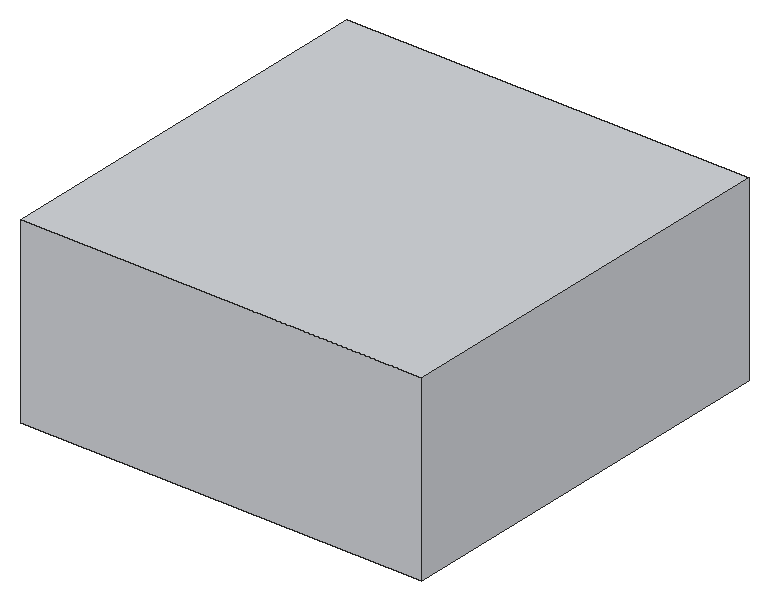
Revit family "4624f4fa77aa488ea1df06220b89d5a7", category Conduit Fittings, Revit 2021
Family settings
  Round Connector Dimension = Use Radius
  Part Type = Multi Port
  OmniClass Number = 23.80.30.17.11
  OmniClass Title = Conduits
  Work Plane-Based = No
  Always vertical = Yes
  Cut with Voids When Loaded = No
  Shared = No
Parameters (values of type "Double Gang")
  Width 2 [instance] = if(not(Max Nominal Diameter 1234567 > 0' 1"), 0' 1 1/2", Max Nominal Diameter 1234567 + 0' 0 1/2")  # 1 1/2"
  Width 1 [instance] = (Width - Width 2) * 0.5  # 1 9/16"
  Width [instance] = if(not(Max Nominal Diameter 1234567 > 0' 1"), 0' 4 5/8", 6 * Max Nominal Diameter 1234567)  # 4 5/8"
  Nominal Radius 7 [instance] = 1/4"
  Nominal Radius 6 [instance] = 1/4"
  Nominal Radius 5 [instance] = 1/4"
  Nominal Radius 4 [instance] = 1/4"
  Nominal Radius 3 [instance] = 1/4"
  Nominal Radius 2 [instance] = 1/4"
  Nominal Radius 1 [instance] = 1/4"
  Nominal Diameter 7 [instance] = Nominal Radius 7 * 2  # 1/2"
  Nominal Diameter 6 [instance] = Nominal Radius 6 * 2  # 1/2"
  Nominal Diameter 5 [instance] = Nominal Radius 5 * 2  # 1/2"
  Nominal Diameter 4 [instance] = Nominal Radius 4 * 2  # 1/2"
  Nominal Diameter 3 [instance] = Nominal Radius 3 * 2  # 1/2"
  Nominal Diameter 2 [instance] = Nominal Radius 2 * 2  # 1/2"
  Nominal Diameter 1 [instance] = Nominal Radius 1 * 2  # 1/2"
  Max Nominal Diameter 56 [instance] = if(Nominal Diameter 5 > Nominal Diameter 6, Nominal Diameter 5, Nominal Diameter 6)  # 1/2"
  Max Nominal Diameter 34 [instance] = if(Nominal Diameter 3 > Nominal Diameter 4, Nominal Diameter 3, Nominal Diameter 4)  # 1/2"
  Max Nominal Diameter 1234567 [instance] = if(Max Nominal Diameter 123456 > Nominal Diameter 7, Max Nominal Diameter 123456, Nominal Diameter 7)  # 1/2"
  Max Nominal Diameter 123456 [instance] = if(Max Nominal Diameter 1234 > Max Nominal Diameter 56, Max Nominal Diameter 1234, Max Nominal Diameter 56)  # 1/2"
  Max Nominal Diameter 1234 [instance] = if(Max Nominal Diameter 12 > Max Nominal Diameter 34, Max Nominal Diameter 12, Max Nominal Diameter 34)  # 1/2"
  Max Nominal Diameter 12 [instance] = if(Nominal Diameter 1 > Nominal Diameter 2, Nominal Diameter 1, Nominal Diameter 2)  # 1/2"
  Length [instance] = if(not(Max Nominal Diameter 1234567 > 0' 1"), 0' 4 9/16", 8 * Max Nominal Diameter 1234567)  # 4 9/16"
  Height [instance] = if(not(Max Nominal Diameter 1234567 > 0' 1"), 0' 2 1/16", if(Max Nominal Diameter 1234567 < 0' 6", 0' 6", Max Nominal Diameter 1234567 * 1.2))  # 2 1/16"
  Default Elevation = 0' - 0"
Reference planes (in)
  plane 1 "Center (Front/Back)": y = 0
  plane 2: z = 0
  plane 3 "Center (Left/Right)": x = 0
  plane 4: y = 1.5625
  plane 5: y = -3.0625
  plane 6: x = 4.5625
  plane 7: z = -1.03125
  plane 8: z = 1.03125
  plane 9: y = -1.5
Forms (in)
  Extrusion 1, solid
    sketch origin (0, 0, 0) x (1, 0, 0) y (0, 1, 0)
      loop
        line (0, 1.5625) -> (0, -3.0625) -> (4.5625, -3.0625) -> (4.5625, 1.5625) -> (0, 1.5625)
    from -1.03125 to 1.03125
  Extrusion 2, solid
    sketch origin (0, 0, 0) x (0, 1, 0) y (0, 0, 1)
      loop
        circle (0, 0) r 0.25
    from 0 to 4.5625
  Extrusion 3, solid
    sketch origin (0, 0, 0) x (0, 1, 0) y (0, 0, 1)
      loop
        circle (-1.5, 0) r 0.25
    from 0 to 4.5625
Cuts and joins
  joined: Extrusion 1, Extrusion 2, Extrusion 3
Dimensions and locks (in)
  equal spacing: plane 8, plane 2, plane 7
  locked: level to plane 2
  "Height": plane 8 to plane 7
  "Length": plane 3 "Center (Left/Right)" to plane 6
  "Width 1": plane 4 to plane 1 "Center (Front/Back)"
  "Width 2": plane 9 to plane 1 "Center (Front/Back)"
  "Width": plane 4 to plane 5
  "Nominal Radius 1": radius of Extrusion 2 sketch curve
  "Nominal Radius 1": radius of Extrusion 3 sketch curve
  aligned and locked: Extrusion 1 sketch curve to plane 4
  aligned and locked: plane 5 to Extrusion 1 sketch curve
  aligned and locked: Extrusion 1 sketch curve to plane 6
  aligned: Extrusion 1 to plane 2
  aligned and locked: Extrusion 1 to plane 7
  aligned and locked: plane 8 to Extrusion 1
  aligned and locked: Extrusion 1 to plane 3 "Center (Left/Right)"
  aligned and locked: plane 2 to Extrusion 2 sketch curve
  aligned and locked: plane 1 "Center (Front/Back)" to Extrusion 2 sketch curve
  aligned and locked: Extrusion 2 to plane 3 "Center (Left/Right)"
  aligned and locked: plane 2 to Extrusion 3 sketch curve
  aligned and locked: plane 9 to Extrusion 3 sketch curve
  aligned and locked: Extrusion 3 to plane 3 "Center (Left/Right)"
  aligned and locked: plane 6 to Extrusion 2
  aligned and locked: plane 6 to Extrusion 3
Automatic sketch dimensions
  plane 3 "Center (Left/Right)" to Extrusion 1 sketch curve = 0' - 0"
Connectors (in)
  cabletrayconduit at (0, 0, 0), diameter 0.5, driven by "Nominal Radius 1"
    settings: on Extrusion 2, index 1, connector width 1' - 0", connector height 1' - 0", connector angle 0.00°, system type 32, placement type 0, profile type 0, connector reference index 3, is primary connector yes, connector utility param no, connector description ""
  cabletrayconduit at (0, -1.5, 0), diameter 0.5, driven by "Nominal Radius 2"
    settings: on Extrusion 3, index 2, connector width 1' - 0", connector height 1' - 0", connector angle 0.00°, system type 32, placement type 0, profile type 0, connector reference index 4, is primary connector no, connector utility param no, connector description ""
  cabletrayconduit at (4.5625, 0, 0), diameter 0.5, driven by "Nominal Radius 3"
    settings: on Extrusion 2, index 3, connector width 1' - 0", connector height 1' - 0", connector angle 0.00°, system type 32, placement type 0, profile type 0, connector reference index 1, is primary connector no, connector utility param no, connector description ""
  cabletrayconduit at (4.5625, -1.5, 0), diameter 0.5, driven by "Nominal Radius 4"
    settings: on Extrusion 3, index 4, connector width 1' - 0", connector height 1' - 0", connector angle 0.00°, system type 32, placement type 0, profile type 0, connector reference index 2, is primary connector no, connector utility param no, connector description ""
  cabletrayconduit at (2.28125, -3.0625, 0), diameter 0.5, driven by "Nominal Radius 5"
    settings: on cut or joined group of Extrusion 1, Extrusion 2, Extrusion 3, index 5, connector width 1' - 0", connector height 1' - 0", connector angle 0.00°, system type 32, placement type 0, profile type 0, connector reference index 6, is primary connector no, connector utility param no, connector description ""
  cabletrayconduit at (2.28125, 1.5625, 0), diameter 0.5, driven by "Nominal Radius 6"
    settings: on cut or joined group of Extrusion 1, Extrusion 2, Extrusion 3, index 6, connector width 1' - 0", connector height 1' - 0", connector angle 0.00°, system type 32, placement type 0, profile type 0, connector reference index 5, is primary connector no, connector utility param no, connector description ""
  cabletrayconduit at (2.28125, -0.75, -1.03125), diameter 0.5, driven by "Nominal Radius 7"
    settings: on cut or joined group of Extrusion 1, Extrusion 2, Extrusion 3, index 7, connector width 1' - 0", connector height 1' - 0", connector angle 0.00°, system type 32, placement type 0, profile type 0, connector reference index -1, is primary connector no, connector utility param no, connector description ""
